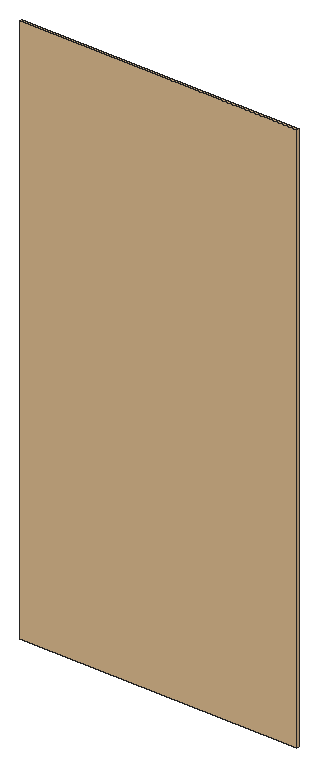
Revit family "Feature Blackbutt Veneer Roman Brick", category Generic Models, Revit 2017
Family settings
  Can host rebar = No
  Round Connector Dimension = Use Diameter
  Part Type = Normal
  Work Plane-Based = No
  Always vertical = Yes
  Cut with Voids When Loaded = No
  Shared = Yes
  Room Calculation Point = No
Parameters (values of type "2400 x 1200")
  Raw Finish Code = "EX24 FB-ROM"  # constant formula
  Panel_width = 1200 mm  # constant formula
  Panel_thickness = 10 mm  # constant formula
  Material = none
  URL = "https://www.easycraft.com.au/products/253/expression-series"
  Model = "Expression Series - Roman Brick"  # constant formula
  Manufacturer = "Easycraft Australia Pty Ltd ph 07 3906 7200"  # constant formula
  Panel_height = 2400 mm  # constant formula
  Description = "Feature Blackbutt Veneer"  # constant formula
  Clear Finish Code = "EX24 FB-ROM-CF"  # constant formula
  Assembly Code = ""
Reference planes
  plane 1 "Center (Front/Back)": y = 0
  plane 2: z = 0
  plane 3 "Center (Left/Right)": x = 0
  plane 4 "Panel_top": z = 2400
  plane 5 "Panel face": y = -10
  plane 6: x = 1200
Forms (mm)
  Extrusion 1, solid, material "Feature Blackbutt Veneer"
    sketch origin (0, 0, 2400) x (0, -1, 0) y (1, 0, 0)
      loop
        line (0, 0) -> (10, 0) -> (10, 1200) -> (0, 1200) -> (0, 0)
    from -2400 to 0
Lines and regions (mm)
  model lines, style "easycraft expressions pattern"
    curve 1: line (1200, -10, 2379.852) -> (0, -10, 2379.852)
    curve 2: line (0, -10, 2295.36) -> (1200, -10, 2295.36)
    curve 3: line (1200, -10, 2210.868) -> (0, -10, 2210.868)
    curve 4: line (0, -10, 2123.127) -> (1200, -10, 2123.127)
    curve 5: line (1200, -10, 2038.635) -> (0, -10, 2038.635)
    curve 6: line (0, -10, 1953.927) -> (1200, -10, 1953.927)
    curve 7: line (1200, -10, 1869.435) -> (0, -10, 1869.435)
    curve 8: line (0, -10, 1784.943) -> (1200, -10, 1784.943)
    curve 9: line (1200, -10, 1700.451) -> (0, -10, 1700.451)
    curve 10: line (0, -10, 1615.96) -> (1200, -10, 1615.96)
    curve 11: line (1200, -10, 1531.468) -> (0, -10, 1531.468)
    curve 12: line (0, -10, 1446.759) -> (1200, -10, 1446.759)
    curve 13: line (1200, -10, 1362.268) -> (0, -10, 1362.268)
    curve 14: line (0, -10, 1274.526) -> (1200, -10, 1274.526)
    curve 15: line (1200, -10, 1190.034) -> (0, -10, 1190.034)
    curve 16: line (0, -10, 1105.543) -> (1200, -10, 1105.543)
    curve 17: line (1200, -10, 1021.051) -> (0, -10, 1021.051)
    curve 18: line (0, -10, 936.342) -> (1200, -10, 936.342)
    curve 19: line (1200, -10, 851.851) -> (0, -10, 851.851)
    curve 20: line (0, -10, 767.359) -> (1200, -10, 767.359)
    curve 21: line (1200, -10, 682.867) -> (0, -10, 682.867)
    curve 22: line (0, -10, 598.375) -> (1200, -10, 598.375)
    curve 23: line (1200, -10, 513.883) -> (0, -10, 513.883)
    curve 24: line (0, -10, 429.175) -> (1200, -10, 429.175)
    curve 25: line (1200, -10, 341.433) -> (0, -10, 341.433)
    curve 26: line (601.625, -10, 2379.852) -> (601.625, -10, 2400)
    curve 27: line (601.625, -10, 2210.868) -> (601.625, -10, 2295.36)
    curve 28: line (601.625, -10, 2038.635) -> (601.625, -10, 2123.127)
    curve 29: line (601.625, -10, 1869.435) -> (601.625, -10, 1953.927)
    curve 30: line (601.625, -10, 1700.451) -> (601.625, -10, 1784.943)
    curve 31: line (601.625, -10, 1531.468) -> (601.625, -10, 1615.96)
    curve 32: line (601.625, -10, 1362.268) -> (601.625, -10, 1446.759)
    curve 33: line (601.625, -10, 1190.034) -> (601.625, -10, 1274.526)
    curve 34: line (601.625, -10, 1021.051) -> (601.625, -10, 1105.543)
    curve 35: line (601.625, -10, 851.851) -> (601.625, -10, 936.342)
    curve 36: line (601.625, -10, 682.867) -> (601.625, -10, 767.359)
    curve 37: line (601.625, -10, 513.883) -> (601.625, -10, 598.375)
    curve 38: line (601.625, -10, 341.433) -> (601.625, -10, 429.175)
    curve 39: line (751.327, -10, 2295.36) -> (751.327, -10, 2379.852)
    curve 40: line (452.139, -10, 2295.36) -> (452.139, -10, 2379.852)
    curve 41: line (751.327, -10, 2123.127) -> (751.327, -10, 2210.868)
    curve 42: line (452.139, -10, 2123.127) -> (452.139, -10, 2210.868)
    curve 43: line (751.327, -10, 1953.927) -> (751.327, -10, 2038.635)
    curve 44: line (452.139, -10, 1953.927) -> (452.139, -10, 2038.635)
    curve 45: line (751.327, -10, 1784.943) -> (751.327, -10, 1869.435)
    curve 46: line (452.139, -10, 1784.943) -> (452.139, -10, 1869.435)
    curve 47: line (751.327, -10, 1615.96) -> (751.327, -10, 1700.451)
    curve 48: line (452.139, -10, 1615.96) -> (452.139, -10, 1700.451)
    curve 49: line (751.327, -10, 1446.759) -> (751.327, -10, 1531.468)
    curve 50: line (452.139, -10, 1446.759) -> (452.139, -10, 1531.468)
    curve 51: line (751.327, -10, 1274.526) -> (751.327, -10, 1362.268)
    curve 52: line (452.139, -10, 1274.526) -> (452.139, -10, 1362.268)
    curve 53: line (751.327, -10, 1105.543) -> (751.327, -10, 1190.034)
    curve 54: line (452.139, -10, 1105.543) -> (452.139, -10, 1190.034)
    curve 55: line (751.327, -10, 936.342) -> (751.327, -10, 1021.051)
    curve 56: line (452.139, -10, 936.342) -> (452.139, -10, 1021.051)
    curve 57: line (751.327, -10, 767.359) -> (751.327, -10, 851.851)
    curve 58: line (452.139, -10, 767.359) -> (452.139, -10, 851.851)
    curve 59: line (751.327, -10, 598.375) -> (751.327, -10, 682.867)
    curve 60: line (452.139, -10, 598.375) -> (452.139, -10, 682.867)
    curve 61: line (751.327, -10, 429.175) -> (751.327, -10, 513.883)
    curve 62: line (452.139, -10, 429.175) -> (452.139, -10, 513.883)
    curve 63: line (900.812, -10, 2379.852) -> (900.812, -10, 2400)
    curve 64: line (900.812, -10, 2210.868) -> (900.812, -10, 2295.36)
    curve 65: line (900.812, -10, 2038.635) -> (900.812, -10, 2123.127)
    curve 66: line (1050.515, -10, 2295.36) -> (1050.515, -10, 2379.852)
    curve 67: line (1050.515, -10, 2123.127) -> (1050.515, -10, 2210.868)
    curve 68: line (1050.515, -10, 1953.927) -> (1050.515, -10, 2038.635)
    curve 69: line (1050.515, -10, 1784.943) -> (1050.515, -10, 1869.435)
    curve 70: line (1050.515, -10, 1615.96) -> (1050.515, -10, 1700.451)
    curve 71: line (1050.515, -10, 1446.759) -> (1050.515, -10, 1531.468)
    curve 72: line (1050.515, -10, 1274.526) -> (1050.515, -10, 1362.268)
    curve 73: line (1050.515, -10, 1105.543) -> (1050.515, -10, 1190.034)
    curve 74: line (1050.515, -10, 936.342) -> (1050.515, -10, 1021.051)
    curve 75: line (1050.515, -10, 767.359) -> (1050.515, -10, 851.851)
    curve 76: line (1050.515, -10, 598.375) -> (1050.515, -10, 682.867)
    curve 77: line (1050.515, -10, 429.175) -> (1050.515, -10, 513.883)
    curve 78: line (900.812, -10, 1869.435) -> (900.812, -10, 1953.927)
    curve 79: line (900.812, -10, 1700.451) -> (900.812, -10, 1784.943)
    curve 80: line (900.812, -10, 1531.468) -> (900.812, -10, 1615.96)
    curve 81: line (900.812, -10, 1362.268) -> (900.812, -10, 1446.759)
    curve 82: line (900.812, -10, 1190.034) -> (900.812, -10, 1274.526)
    curve 83: line (900.812, -10, 1021.051) -> (900.812, -10, 1105.543)
    curve 84: line (900.812, -10, 851.851) -> (900.812, -10, 936.342)
    curve 85: line (900.812, -10, 682.867) -> (900.812, -10, 767.359)
    curve 86: line (900.812, -10, 513.883) -> (900.812, -10, 598.375)
    curve 87: line (900.812, -10, 341.433) -> (900.812, -10, 429.175)
    curve 88: line (299.188, -10, 2379.852) -> (299.188, -10, 2400)
    curve 89: line (299.188, -10, 2210.868) -> (299.188, -10, 2295.36)
    curve 90: line (299.188, -10, 2038.635) -> (299.188, -10, 2123.127)
    curve 91: line (299.188, -10, 1869.435) -> (299.188, -10, 1953.927)
    curve 92: line (299.188, -10, 1700.451) -> (299.188, -10, 1784.943)
    curve 93: line (299.188, -10, 1531.468) -> (299.188, -10, 1615.96)
    curve 94: line (299.188, -10, 1362.268) -> (299.188, -10, 1446.759)
    curve 95: line (299.188, -10, 1190.034) -> (299.188, -10, 1274.526)
    curve 96: line (299.188, -10, 1021.051) -> (299.188, -10, 1105.543)
    curve 97: line (299.188, -10, 851.851) -> (299.188, -10, 936.342)
    curve 98: line (299.188, -10, 682.867) -> (299.188, -10, 767.359)
    curve 99: line (299.188, -10, 513.883) -> (299.188, -10, 598.375)
    curve 100: line (149.702, -10, 2295.36) -> (149.702, -10, 2379.852)
    curve 101: line (149.702, -10, 2123.127) -> (149.702, -10, 2210.868)
    curve 102: line (149.702, -10, 1953.927) -> (149.702, -10, 2038.635)
    curve 103: line (149.702, -10, 1784.943) -> (149.702, -10, 1869.435)
    curve 104: line (149.702, -10, 1615.96) -> (149.702, -10, 1700.451)
    curve 105: line (149.702, -10, 1446.759) -> (149.702, -10, 1531.468)
    curve 106: line (149.702, -10, 1274.526) -> (149.702, -10, 1362.268)
    curve 107: line (149.702, -10, 1105.543) -> (149.702, -10, 1190.034)
    curve 108: line (149.702, -10, 936.342) -> (149.702, -10, 1021.051)
    curve 109: line (149.702, -10, 767.359) -> (149.702, -10, 851.851)
    curve 110: line (149.702, -10, 598.375) -> (149.702, -10, 682.867)
    curve 111: line (149.702, -10, 429.175) -> (149.702, -10, 513.883)
    curve 112: line (299.188, -10, 341.433) -> (299.188, -10, 429.175)
    curve 113: line (0, -10, 256.942) -> (1200, -10, 256.942)
    curve 114: line (1200, -10, 172.45) -> (0, -10, 172.45)
    curve 115: line (0, -10, 87.958) -> (1200, -10, 87.958)
    curve 116: line (1050.515, -10, 256.942) -> (1050.515, -10, 341.433)
    curve 117: line (1050.515, -10, 87.958) -> (1050.515, -10, 172.45)
    curve 118: line (601.625, -10, 172.45) -> (601.625, -10, 256.942)
    curve 119: line (751.327, -10, 256.942) -> (751.327, -10, 341.433)
    curve 120: line (452.139, -10, 256.942) -> (452.139, -10, 341.433)
    curve 121: line (751.327, -10, 87.958) -> (751.327, -10, 172.45)
    curve 122: line (452.139, -10, 87.958) -> (452.139, -10, 172.45)
    curve 123: line (900.812, -10, 172.45) -> (900.812, -10, 256.942)
    curve 124: line (299.188, -10, 172.45) -> (299.188, -10, 256.942)
    curve 125: line (149.702, -10, 256.942) -> (149.702, -10, 341.433)
    curve 126: line (149.702, -10, 87.958) -> (149.702, -10, 172.45)
    curve 127: line (900.812, -10, 0) -> (900.812, -10, 87.958)
    curve 128: line (601.625, -10, 0) -> (601.625, -10, 87.958)
    curve 129: line (299.188, -10, 0) -> (299.188, -10, 87.958)
Dimensions and locks
  "Panel_height": plane 4 "Panel_top" to plane 2
  "Panel_thickness": plane 5 "Panel face" to plane 1 "Center (Front/Back)"
  "Panel_width": Extrusion 1 to plane 3 "Center (Left/Right)"
  aligned and locked: level to plane 2
  aligned and locked: Extrusion 1 to level
  aligned and locked: plane 5 "Panel face" to Extrusion 1
Automatic sketch dimensions
  plane 1 "Center (Front/Back)" to Extrusion 1 sketch curve = 0 mm
  Extrusion 1 sketch curve to plane 3 "Center (Left/Right)" = 0 mm
  Extrusion 1 sketch curve to plane 5 "Panel face" = 0 mm
  Extrusion 1 sketch curve to plane 6 = 0 mm
  curve 22 to plane 3 "Center (Left/Right)" = 0 mm
  curve 1 to plane 3 "Center (Left/Right)" = 0 mm
  curve 2 to plane 3 "Center (Left/Right)" = 0 mm
  curve 113 to plane 3 "Center (Left/Right)" = 0 mm
  curve 25 to plane 3 "Center (Left/Right)" = 0 mm
  curve 3 to plane 3 "Center (Left/Right)" = 0 mm
  curve 4 to plane 3 "Center (Left/Right)" = 0 mm
  curve 115 to plane 3 "Center (Left/Right)" = 0 mm
  curve 24 to plane 3 "Center (Left/Right)" = 0 mm
  curve 5 to plane 3 "Center (Left/Right)" = 0 mm
  curve 6 to plane 3 "Center (Left/Right)" = 0 mm
  curve 23 to plane 3 "Center (Left/Right)" = 0 mm
  curve 114 to plane 3 "Center (Left/Right)" = 0 mm
  curve 7 to plane 3 "Center (Left/Right)" = 0 mm
  curve 8 to plane 3 "Center (Left/Right)" = 0 mm
  curve 21 to plane 3 "Center (Left/Right)" = 0 mm
  curve 20 to plane 3 "Center (Left/Right)" = 0 mm
  curve 9 to plane 3 "Center (Left/Right)" = 0 mm
  curve 10 to plane 3 "Center (Left/Right)" = 0 mm
  curve 19 to plane 3 "Center (Left/Right)" = 0 mm
  curve 18 to plane 3 "Center (Left/Right)" = 0 mm
  curve 11 to plane 3 "Center (Left/Right)" = 0 mm
  curve 12 to plane 3 "Center (Left/Right)" = 0 mm
  curve 17 to plane 3 "Center (Left/Right)" = 0 mm
  curve 16 to plane 3 "Center (Left/Right)" = 0 mm
  curve 13 to plane 3 "Center (Left/Right)" = 0 mm
  curve 14 to plane 3 "Center (Left/Right)" = 0 mm
  curve 15 to plane 3 "Center (Left/Right)" = 0 mm
  curve 88 to plane 4 "Panel_top" = 0 mm
  curve 129 to level = 0 mm
  curve 26 to plane 4 "Panel_top" = 0 mm
  curve 128 to level = 0 mm
  curve 63 to plane 4 "Panel_top" = 0 mm
  curve 127 to level = 0 mm
  curve 115 to plane 6 = 0 mm
  curve 25 to plane 6 = 0 mm
  curve 114 to plane 6 = 0 mm
  curve 113 to plane 6 = 0 mm
  curve 24 to plane 6 = 0 mm
  curve 23 to plane 6 = 0 mm
  curve 22 to plane 6 = 0 mm
  curve 21 to plane 6 = 0 mm
  curve 20 to plane 6 = 0 mm
  curve 19 to plane 6 = 0 mm
  curve 18 to plane 6 = 0 mm
  curve 17 to plane 6 = 0 mm
  curve 16 to plane 6 = 0 mm
  curve 15 to plane 6 = 0 mm
  curve 14 to plane 6 = 0 mm
  curve 13 to plane 6 = 0 mm
  curve 12 to plane 6 = 0 mm
  curve 11 to plane 6 = 0 mm
  curve 10 to plane 6 = 0 mm
  curve 9 to plane 6 = 0 mm
  curve 8 to plane 6 = 0 mm
  curve 7 to plane 6 = 0 mm
  curve 6 to plane 6 = 0 mm
  curve 5 to plane 6 = 0 mm
  curve 4 to plane 6 = 0 mm
  curve 3 to plane 6 = 0 mm
  curve 2 to plane 6 = 0 mm
  curve 1 to plane 6 = 0 mm
  curve 3 to curve 101 = 149.702 mm
  curve 24 to curve 111 = 149.702 mm
  curve 21 to curve 110 = 149.702 mm
  curve 19 to curve 109 = 149.702 mm
  curve 17 to curve 108 = 149.702 mm
  curve 15 to curve 107 = 149.702 mm
  curve 113 to curve 125 = 149.702 mm
  curve 13 to curve 106 = 149.702 mm
  curve 115 to curve 126 = 149.702 mm
  curve 11 to curve 105 = 149.702 mm
  curve 100 to curve 101 = 0 mm
  curve 9 to curve 104 = 149.702 mm
  curve 7 to curve 103 = 149.702 mm
  curve 101 to curve 102 = 0 mm
  curve 102 to curve 90 = 149.485 mm
  curve 100 to curve 89 = 149.485 mm
  curve 88 to curve 89 = 0 mm
  curve 90 to curve 91 = 0 mm
  curve 104 to curve 92 = 149.485 mm
  curve 105 to curve 93 = 149.485 mm
  curve 110 to curve 99 = 149.485 mm
  curve 106 to curve 94 = 149.485 mm
  curve 107 to curve 95 = 149.485 mm
  curve 108 to curve 96 = 149.485 mm
  curve 125 to curve 124 = 149.485 mm
  curve 109 to curve 97 = 149.485 mm
  curve 97 to curve 98 = 0 mm
  curve 112 to curve 124 = 0 mm
  curve 124 to curve 129 = 0 mm
  curve 91 to curve 44 = 152.952 mm
  plane 4 "Panel_top" to curve 40 = 20.148 mm
  curve 88 to curve 40 = 152.952 mm
  curve 42 to curve 44 = 0 mm
  curve 92 to curve 46 = 152.952 mm
  curve 124 to curve 122 = 152.952 mm
  curve 93 to curve 48 = 152.952 mm
  curve 112 to curve 120 = 152.952 mm
  curve 94 to curve 50 = 152.952 mm
  curve 99 to curve 62 = 152.952 mm
  curve 95 to curve 52 = 152.952 mm
  curve 98 to curve 60 = 152.952 mm
  curve 96 to curve 54 = 152.952 mm
  curve 97 to curve 58 = 152.952 mm
  curve 56 to curve 58 = 0 mm
  curve 44 to curve 28 = 149.485 mm
  curve 40 to curve 27 = 149.485 mm
  curve 46 to curve 29 = 149.485 mm
  curve 26 to curve 27 = 0 mm
  curve 48 to curve 30 = 149.485 mm
  curve 122 to curve 118 = 149.485 mm
  curve 50 to curve 31 = 149.485 mm
  curve 52 to curve 32 = 149.485 mm
  curve 54 to curve 33 = 149.485 mm
  curve 56 to curve 34 = 149.485 mm
  curve 118 to curve 128 = 0 mm
  curve 58 to curve 35 = 149.485 mm
  curve 60 to curve 36 = 149.485 mm
  curve 62 to curve 38 = 149.485 mm
  curve 36 to curve 37 = 0 mm
  curve 27 to curve 39 = 149.702 mm
  curve 28 to curve 41 = 149.702 mm
  curve 29 to curve 43 = 149.702 mm
  curve 30 to curve 45 = 149.702 mm
  curve 31 to curve 47 = 149.702 mm
  curve 118 to curve 121 = 149.702 mm
  curve 32 to curve 49 = 149.702 mm
  curve 38 to curve 119 = 149.702 mm
  curve 33 to curve 51 = 149.702 mm
  curve 34 to curve 53 = 149.702 mm
  curve 35 to curve 55 = 149.702 mm
  curve 36 to curve 57 = 149.702 mm
  curve 37 to curve 59 = 149.702 mm
  curve 61 to curve 119 = 0 mm
  curve 119 to curve 87 = 149.485 mm
  curve 59 to curve 86 = 149.485 mm
  curve 39 to curve 63 = 149.485 mm
  curve 57 to curve 85 = 149.485 mm
  curve 55 to curve 84 = 149.485 mm
  curve 53 to curve 83 = 149.485 mm
  curve 51 to curve 82 = 149.485 mm
  curve 49 to curve 81 = 149.485 mm
  curve 47 to curve 80 = 149.485 mm
  curve 45 to curve 79 = 149.485 mm
  curve 43 to curve 78 = 149.485 mm
  curve 41 to curve 64 = 149.485 mm
  curve 121 to curve 123 = 149.485 mm
  curve 123 to curve 127 = 0 mm
  curve 65 to curve 78 = 0 mm
  curve 77 to plane 6 = 149.485 mm
  curve 76 to plane 6 = 149.485 mm
  curve 75 to plane 6 = 149.485 mm
  curve 74 to plane 6 = 149.485 mm
  curve 73 to plane 6 = 149.485 mm
  curve 72 to plane 6 = 149.485 mm
  curve 71 to plane 6 = 149.485 mm
  curve 70 to curve 9 = 149.485 mm
  curve 69 to curve 7 = 149.485 mm
  curve 68 to curve 5 = 149.485 mm
  curve 67 to curve 3 = 149.485 mm
  curve 66 to curve 1 = 149.485 mm
  curve 117 to plane 6 = 149.485 mm
  curve 77 to curve 116 = 0 mm
  level to curve 127 = 87.958 mm
  curve 121 to curve 121 = 84.492 mm
  curve 118 to curve 118 = 84.492 mm
  curve 124 to curve 112 = 84.492 mm
  curve 116 to curve 77 = 87.741 mm
  curve 61 to curve 61 = 84.708 mm
  curve 99 to curve 99 = 84.492 mm
  curve 76 to curve 76 = 84.492 mm
  curve 76 to curve 75 = 84.492 mm
  curve 109 to curve 109 = 84.492 mm
  curve 19 to curve 18 = 84.492 mm
  curve 84 to curve 83 = 84.708 mm
  curve 108 to curve 107 = 84.492 mm
  curve 16 to curve 15 = 84.492 mm
  curve 54 to curve 52 = 84.492 mm
  curve 82 to curve 81 = 87.741 mm
  curve 13 to curve 12 = 84.492 mm
  curve 49 to curve 49 = 84.708 mm
  curve 80 to curve 80 = 84.492 mm
  curve 70 to curve 70 = 84.492 mm
  curve 92 to curve 92 = 84.492 mm
  curve 8 to curve 7 = 84.492 mm
  curve 69 to curve 68 = 84.492 mm
  curve 44 to curve 44 = 84.708 mm
  curve 68 to curve 67 = 84.492 mm
  curve 101 to curve 101 = 87.741 mm
  curve 67 to curve 66 = 84.492 mm
